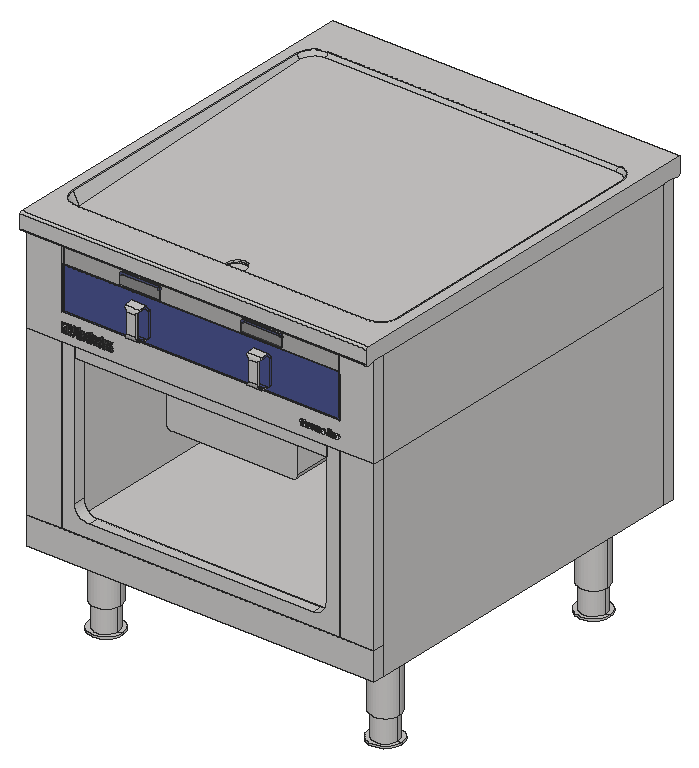
Revit family "QF_ELECTROLUXPROFESSIONAL_589837_MCHYEAH1DM", category Attrezzature speciali, Revit 2021
Family settings
  Quota connettore circolare = Usa diametro
  Tipo di parte = Normale
  Basato su piano di lavoro = No
  Sempre verticale = Sì
  Taglio con vuoti quando caricato = No
  Condiviso = No
  Punto di calcolo locali = No
Parameters (values of type "Standard")
  Weight = 150.00 kg
  Watts = 15300 W
  Volts = 440 V
  URL Manufacturer = "https://www.electroluxprofessional.com/"
  URL = "https://www.electroluxprofessional.com/"
  Steam Supply Size = 0"
  Steam Supply Minimum Pressure = 0.00 psi
  Steam Supply Maximum Pressure = 0.00 psi
  Steam Consumption per Hour = 0
  Refrigeration Suction Line Size = 0 mm
  Refrigeration Liquid Line Size = 0 mm
  Refrigerant Compressor Remote = yes
  Prospetto di default = 0 mm
  Phase = 3
  Modello = "MCHYEAH1DM"
  Produttore = "Electrolux Professional"
  Length Actual = 800 mm  # constant formula
  Item Number = "589837"
  Hot Water Size = 0"
  Height Actual = 700 mm  # constant formula
  HP = "20.5 HP"
  Gas Size = 0"
  Gas KW = 0
  Gas Input Pressure = 0.0 Btu/h
  Direct Waste Size = 0"
  Descrizione = "FRYTOP,H3,SMT,2Z,1S,800X900X700H MARINE"
  Depth Actual = 900 mm  # constant formula
  Cycle = 50 Hz
  Condensate Return Size = 0"
  Compressed Air Volume = 0 GPM
  Compressed Air Size = 0"
  Compressed Air Pressure = 0.00 psi
  Cold Water Size = 0"
  Accessory = yes
Reference planes
  plane 1 "BACK": y = 0
  plane 2: z = 0
  plane 3 "LEFT": x = 0
  plane 4 "RIGHT": x = 800
  plane 5 "FRONT": y = -900
  plane 6 "TOP": z = 900
  plane 7 "Center (Left/Right)": x = 400
  plane 8 "Center (Front/Back)": y = -425
  plane 9: y = -150
  plane 10: y = -65
  plane 11: y = -840
  plane 12 "EIY": y = -685
  plane 13: z = 938
  plane 14 "BaseTop": z = 650
  plane 15: y = -855
  plane 16 "Camino": y = -50
  plane 17 "EIx": x = 755
  plane 18: z = 1131
  plane 19 "PlaneRibbed": through (-6096, -65, 890) normal (0, -0.0251, 0.9997)
  plane 20 "Base": z = 200
Forms (mm)
  Extrusion 1, solid, material "QF_Finishes_Stainless Steel"
    sketch origin (-178.969, -4572, 100) x (-1, 0, 0) y (0, -1, 0)
      loop
        line (-178.969, -4527) -> (-178.969, -3717) -> (-978.969, -3717) -> (-978.969, -4527) -> (-178.969, -4527)
    from 550 to 762.969
  Extrusion 2, solid, material "QF_Finishes_Stainless Steel"
    sketch origin (400, 296.4, 1219.2) x (0, 1, 0) y (0, 0, 1)
      loop
        line (-296.4, -319.2) -> (-1191.4, -319.2)
        arc (-1191.4, -319.2) -> (-1194.935, -320.664) -> (-1196.4, -324.2) r 5
        line (-1196.4, -324.2) -> (-1196.4, -355.2)
        arc (-1196.4, -355.2) -> (-1194.971, -358.264) -> (-1191.705, -359.139) r 4
        line (-1191.705, -359.139) -> (-1176.4, -356.231) -> (-316.4, -356.231) -> (-301.094, -359.139)
        arc (-301.094, -359.139) -> (-297.829, -358.264) -> (-296.4, -355.2) r 4
        line (-296.4, -355.2) -> (-296.4, -319.2)
    from -400 to 400
  Extrusion 3, void
    sketch origin (0, -30, 900) x (-1, 0, 0) y (0, -1, 0)
      loop
        arc (-65, 65) -> (-36.716, 76.716) -> (-25, 105) r 40
        line (-25, 105) -> (-25, 750)
        arc (-25, 750) -> (-36.716, 778.284) -> (-65, 790) r 40
        line (-65, 790) -> (-735, 790)
        arc (-735, 790) -> (-763.284, 778.284) -> (-775, 750) r 40
        line (-775, 750) -> (-775, 105)
        arc (-775, 105) -> (-763.284, 76.716) -> (-735, 65) r 40
        line (-735, 65) -> (-65, 65)
    from 0 to -30
  Extrusion 4, solid, material "QF_Finishes_Stainless Steel"
    sketch origin (0, -50, 200) x (-1, 0, 0) y (0, -1, 0)
      loop
        circle (-755, 635) r 10.1
    from 0 to -10
  Sweep 5, solid, material "QF_Finishes_Stainless Steel"
    path origin (0, -30, 900) x (-1, 0, 0) y (0, -1, 0)
      loop
        line (-25, 105) -> (-25, 750)
        arc (-25, 750) -> (-36.716, 778.284) -> (-65, 790) r 40
        line (-65, 790) -> (-735, 790)
        arc (-735, 790) -> (-763.284, 778.284) -> (-775, 750) r 40
        line (-775, 750) -> (-775, 105)
        arc (-775, 105) -> (-763.284, 76.716) -> (-735, 65) r 40
        line (-735, 65) -> (-65, 65)
        arc (-65, 65) -> (-36.716, 76.716) -> (-25, 105) r 40
    profile origin (25, -457.5, 900) x (1, 0, 0) y (0, 0, 1)
      loop
        line (0, 0) -> (0, -30) -> (15, -30) -> (0, 0)
  Extrusion 6, void
    sketch origin (305.009, -30, 900) x (-1, 0, 0) y (0, -1, 0)
      loop
        circle (-94.991, 746) r 22.248
    from -32.282 to 0
  Extrusion 7, solid, material "QF_Finishes_Stainless Steel"
    sketch origin (400, 266.4, 1219.2) x (0, 1, 0) y (0, 0, 1)
      loop
        line (-1086.4, -349.2) -> (-361.4, -349.2) -> (-361.4, -329.2) -> (-1086.4, -347.399) -> (-1086.4, -349.2)
    from -375 to 375
  Extrusion 8, void
    sketch origin (290.252, -10, 900) x (-1, 0, 0) y (0, -1, 0)
      loop
        circle (-109.748, 765.667) r 22.248
    from -32.282 to 0
  Extrusion 9, solid, material "QF_Finishes_Stainless Steel"
    sketch origin (0, -425, 0) x (-1, 0, 0) y (0, 0, 1)
      loop
        line (-264.372, 616.232) -> (-236.622, 616.232)
        arc (-236.622, 616.232) -> (-235.738, 615.866) -> (-235.372, 614.982) r 1.25
        line (-235.372, 614.982) -> (-235.372, 584.482)
        arc (-235.372, 584.482) -> (-235.738, 583.598) -> (-236.622, 583.232) r 1.25
        line (-236.622, 583.232) -> (-249.372, 583.232) -> (-249.372, 582.232) -> (-236.622, 582.232)
        arc (-236.622, 582.232) -> (-235.031, 582.891) -> (-234.372, 584.482) r 2.25
        line (-234.372, 584.482) -> (-234.372, 614.982)
        arc (-234.372, 614.982) -> (-235.031, 616.573) -> (-236.622, 617.232) r 2.25
        line (-236.622, 617.232) -> (-264.372, 617.232) -> (-264.372, 616.232)
      loop
        line (-537.372, 616.232) -> (-537.372, 617.232) -> (-565.122, 617.232)
        arc (-565.122, 617.232) -> (-566.713, 616.573) -> (-567.372, 614.982) r 2.25
        line (-567.372, 614.982) -> (-567.372, 584.482)
        arc (-567.372, 584.482) -> (-566.713, 582.891) -> (-565.122, 582.232) r 2.25
        line (-565.122, 582.232) -> (-552.372, 582.232) -> (-552.372, 583.232) -> (-565.122, 583.232)
        arc (-565.122, 583.232) -> (-566.006, 583.598) -> (-566.372, 584.482) r 1.25
        line (-566.372, 584.482) -> (-566.372, 614.982)
        arc (-566.372, 614.982) -> (-566.006, 615.866) -> (-565.122, 616.232) r 1.25
        line (-565.122, 616.232) -> (-537.372, 616.232)
    from -365 to 360
  Extrusion 10, solid, material "QF_Finishes_Stainless Steel"
    sketch origin (0, -425, 0) x (-1, 0, 0) y (0, 0, 1)
      loop
        line (-249.872, 583.232) -> (-238.372, 583.232) -> (-238.372, 584.232) -> (-244.372, 590.232) -> (-557.372, 590.232) -> (-563.372, 584.232) -> (-563.372, 583.232) -> (-551.872, 583.232) -> (-551.872, 501.232)
        arc (-551.872, 501.232) -> (-548.65, 493.454) -> (-540.872, 490.232) r 11
        line (-540.872, 490.232) -> (-260.872, 490.232)
        arc (-260.872, 490.232) -> (-253.094, 493.454) -> (-249.872, 501.232) r 11
        line (-249.872, 501.232) -> (-249.872, 583.232)
    from -365 to 360
  Extrusion 11, void
    sketch origin (0, -425, 0) x (-1, 0, 0) y (0, 0, 1)
      loop
        line (-254.872, 501.232) -> (-254.872, 590.232) -> (-546.872, 590.232) -> (-546.872, 506.232)
        arc (-546.872, 506.232) -> (-543.65, 498.454) -> (-535.872, 495.232) r 11
        line (-535.872, 495.232) -> (-260.872, 495.232)
        arc (-260.872, 495.232) -> (-256.629, 496.99) -> (-254.872, 501.232) r 6
    from -350 to 355
  Extrusion 12, solid, material "QF_Finishes_Stainless Steel"
    sketch origin (0, -425, 0) x (-1, 0, 0) y (0, 0, 1)
      loop
        line (-690, 617.232) -> (-109.949, 617.232) -> (-109.949, 627) -> (-690, 627) -> (-690, 617.232)
    from -365 to -351.075
  Extrusion 13, solid, material "QF_Finishes_Stainless Steel"
    sketch origin (400, 296.4, 1219.2) x (0, 1, 0) y (0, 0, 1)
      loop
        line (-341.4, -1019.2) -> (-316.4, -1019.2) -> (-316.4, -356.231) -> (-341.4, -356.231) -> (-341.4, -1019.2)
    from -400 to 400
Cuts and joins
  Extrusion 3, Extrusion 6, Extrusion 8 cuts Extrusion 2
  Extrusion 8 cuts Sweep 5
  Extrusion 8 cuts Extrusion 7
  joined: Sweep 5, Extrusion 7
  Extrusion 11 cuts Extrusion 10
Lines and regions (mm)
  symbolic lines
    curve 1: line (0, 0, 100) -> (800, 0, 100)
    curve 2: line (0, -900, 100) -> (0, 0, 100)
    curve 3: line (800, -900, 100) -> (0, -900, 100)
    curve 4: line (800, 0, 100) -> (800, -900, 100)
    curve 5: line (734.029, -95, 0) -> (65.29, -95, 0)
    curve 6: line (65.29, -820, 0) -> (734.029, -820, 0)
    curve 7: line (65, -110, 900) -> (735, -110, 900)
    curve 8: line (735, -805, 900) -> (65, -805, 900)
    curve 9: arc (760, -780, 900) -> (752.678, -797.678, 900) -> (735, -805, 900) r 25
    curve 10: line (760, -135, 900) -> (760, -780, 900)
    curve 11: arc (735, -110, 900) -> (752.678, -117.322, 900) -> (760, -135, 900) r 25
    curve 12: circle (400, -776, 900) r 22.248 normal (0, 0, 1)
    curve 13: arc (90.5, -115.483, 900) -> (62.314, -127.096, 900) -> (50.5, -155.198, 900) r 39.994
    curve 14: line (90.5, -115.482, 900) -> (710.5, -115.482, 900)
    curve 15: line (50.5, -692.082, 900) -> (50.5, -155.198, 900)
    curve 16: arc (50.5, -692.082, 900) -> (62.314, -720.184, 900) -> (90.5, -731.797, 900) r 39.994
    curve 17: line (710.5, -731.798, 900) -> (90.5, -731.798, 900)
    curve 18: line (40.29, -738.526, 900) -> (760, -738.526, 900)
    curve 19: line (40.29, -748.526, 900) -> (760, -748.526, 900)
    curve 20: arc (65, -95, 900) -> (36.716, -106.716, 900) -> (25, -135, 900) r 40
    curve 21: line (25, -135, 900) -> (25, -780, 900)
    curve 22: arc (25, -780, 900) -> (36.716, -808.284, 900) -> (65, -820, 900) r 40
    curve 23: arc (735, -820, 900) -> (763.284, -808.284, 900) -> (775, -780, 900) r 40
    curve 24: line (775, -780, 900) -> (775, -135, 900)
    curve 25: arc (775, -135, 900) -> (763.284, -106.716, 900) -> (735, -95, 900) r 40
    curve 26: arc (709.5, -115.483, 900) -> (737.686, -127.096, 900) -> (749.5, -155.198, 900) r 39.994
    curve 27: line (749.5, -692.082, 900) -> (749.5, -155.198, 900)
    curve 28: arc (749.5, -692.082, 900) -> (737.686, -720.184, 900) -> (709.5, -731.797, 900) r 39.994
    curve 29: arc (65, -805, 900) -> (47.322, -797.678, 900) -> (40, -780, 900) r 25
    curve 30: line (40, -780, 900) -> (40, -135, 900)
    curve 31: arc (40, -135, 900) -> (47.322, -117.322, 900) -> (65, -110, 900) r 25
Dimensions and locks
  plane 3 "LEFT" to plane 4 "RIGHT" = 800 mm
  plane 5 "FRONT" to plane 1 "BACK" = 900 mm
  plane 3 "LEFT" to plane 7 "Center (Left/Right)" to plane 4 "RIGHT" = 400 mm, 400 mm
  plane 5 "FRONT" to plane 8 "Center (Front/Back)" to plane 1 "BACK" = 475 mm, 425 mm
  plane 6 "TOP" to level = 900 mm  (x2)
  plane 1 "BACK" to plane 9 = 150 mm
  plane 12 "EIY" to plane 1 "BACK" = 685 mm
  plane 13 to plane 6 "TOP" = 38 mm
  plane 10 to plane 1 "BACK" = 65 mm
  plane 5 "FRONT" to plane 11 = 60 mm
  locked: plane 6 "TOP" to plane 14 "BaseTop" at 250
  locked: plane 15 to plane 5 "FRONT" at 45
  plane 16 "Camino" to plane 1 "BACK" = 50 mm
  plane 17 "EIx" to plane 4 "RIGHT" = 45 mm
  plane 18 to plane 6 "TOP" = 231 mm
  plane 20 "Base" to level = 200 mm
  aligned and locked: level to plane 2
  aligned and locked: cut or joined group of Extrusion 2, Extrusion 3, Extrusion 6, Extrusion 8 to plane 3 "LEFT"
  aligned and locked: cut or joined group of Extrusion 2, Extrusion 3, Extrusion 6, Extrusion 8 to plane 4 "RIGHT"
  aligned and locked: nested 1 to plane 15
  aligned and locked: Extrusion 1 to plane 15
  aligned and locked: plane 3 "LEFT" to nested 1
  aligned and locked: Extrusion 1 to nested 2
  aligned and locked: nested 3 to plane 9
  aligned and locked: nested 4 to plane 9
Nested families
  nested 1: "Front_Panel_W800_2 Knobs" at (202.376, -855, 0), type "Front_Panel_W800_2 Knobs"
  nested 2: "QF_ELECTROLUXPROFESSIONAL_589840_BASE" at (0, 0, 0), type "QF_ELECTROLUXPROFESSIONAL_589840_BASE"
    with Type Mark "", Specification by User "", Revision Code "", Item Number "", Installed By "", Identify Quantity as Lot yes, Furnished By "", Foodservice Equipment Identifier yes
  nested 3: "FEET200_MARINE" at (78, -150, 0), type "FEET200_MARINE"
  nested 4: "FEET200_MARINE" at (722, -150, 0), type "FEET200_MARINE"
  nested 5: "FEET200_MARINE" at (78, -750, 0), type "FEET200_MARINE"
  nested 6: "FEET200_MARINE" at (722, -750, 0), type "FEET200_MARINE"
Connectors
  electrical at (755, -685, 190), driven by "Volts"
    settings: on Extrusion 4, index 1, voltage 440 V, apparent load 0 VA, apparent load phase1 0 VA, apparent load phase2 0 VA, apparent load phase3 0 VA, power factor 1, load classification "Other", number of poles 1, system type 30, power factor state 1, is connector primary yes, connector utility no, sub classification motor no, connector description "Electrical Connection"
Definition of nested family "Front_Panel_W800_2 Knobs"
  Parameters
    Default Elevation = 0 mm
  Reference planes
    plane 1 "Center (Front/Back)": y = 0
    plane 2: z = 0
    plane 3 "Center (Left/Right)": x = 197.624
    plane 4 "Left": x = -202.376
    plane 5 "Right": x = 597.624
    plane 6: y = -45
    plane 7: x = 127.624
    plane 8: x = 57.624
    plane 9: x = 337.624
    plane 10: x = 517.624
    plane 11: x = -122.376
    plane 12 "Panel": y = -25
  Forms (mm)
    Extrusion 1, solid
      sketch origin (833.217, 829.203, -1.25) x (0, 1, 0) y (0, 0, 1)
        loop
          line (-854.203, 651.25) -> (-829.203, 651.25) -> (-829.203, 864.25) -> (-854.203, 864.25) -> (-854.203, 651.25)
      from -1035.593 to -235.593
    Extrusion 2, void
      sketch origin (0, 0, 0) x (1, 0, 0) y (0, 0, 1)
        loop
          line (-122.376, 853.866) -> (-122.376, 711.866) -> (517.624, 711.866) -> (517.624, 853.866) -> (-122.376, 853.866)
      from 19.387 to 33.951
  Cuts and joins
    Extrusion 2 cuts Extrusion 1
  Dimensions and locks
    equal spacing: plane 5 "Right", plane 3 "Center (Left/Right)", plane 4 "Left"
    plane 5 "Right" to plane 4 "Left" = 800 mm
    plane 3 "Center (Left/Right)" to plane 7 = 70 mm
    plane 9 to plane 3 "Center (Left/Right)" = 140 mm
    plane 3 "Center (Left/Right)" to plane 8 = 140 mm
    aligned and locked: cut or joined group of Extrusion 1, Extrusion 2 to plane 4 "Left"
    aligned and locked: plane 5 "Right" to cut or joined group of Extrusion 1, Extrusion 2
    aligned and locked: plane 3 "Center (Left/Right)" to nested 1
    aligned and locked: cut or joined group of Extrusion 1, Extrusion 2 to nested 1
    aligned and locked: nested 5 to plane 11
  Automatic sketch dimensions
    Extrusion 1 sketch curve to plane 1 "Center (Front/Back)" = 0 mm
    level to Extrusion 1 sketch curve = 650 mm
    plane 4 "Left" to Extrusion 2 sketch curve = 80 mm
    Extrusion 2 sketch curve to plane 5 "Right" = 80 mm
    level to Extrusion 2 sketch curve = 711.866 mm
    Extrusion 2 sketch curve to Extrusion 2 sketch curve = 142 mm
    Extrusion 1 sketch curve to plane 6 = 20 mm
    Extrusion 1 sketch curve to Extrusion 1 sketch curve = 213 mm
  Nested families
    nested 1: "Front glass control panel W800_Two" at (197.624, 280.644, 2.752), type "Front glass control panel W800_Two"
    nested 2: "Range Control Handle" at (57.851, -28.137, -209.113) x (-1, 0, 0) z (0, 0, 1), type "Range Control Handle"
    nested 3: "Range Control Handle" at (337.624, -28.137, -209.113), type "Range Control Handle"
    nested 4: "ELX_ThermaLine_Small" at (469.031, -25, 679.402) x (1, 0, 0) z (0, -1, 0), type "ELX_ThermaLine_Small"
      with Show Logo yes, Material_Logo none
    nested 5: "ELX_Professional_Logo_Small" at (-62.89, -25, 681.634) x (1, 0, 0) z (0, -1, 0), type "ELX_Professional_Logo_Small"
      with Show Logo yes, Material_Logo none
  Definition of nested family "Front glass control panel W800_Two"
    Parameters
      Default Elevation = 0 mm
    Reference planes
      plane 1 "Center (Front/Back)": y = 0
      plane 2: z = 0
      plane 3 "Center (Left/Right)": x = 0
      plane 4: x = -140
      plane 5: x = 140
    Forms (mm)
      Extrusion 1, solid
        sketch origin (378.286, 0, 0.617) x (1, 0, 0) y (0, 0, 1)
          loop
            line (-698.286, 806.791) -> (-698.286, 708.497) -> (-58.286, 708.497) -> (-58.286, 806.791) -> (-698.286, 806.791)
        from 300.031 to 304.8
      Extrusion 2, solid
        sketch origin (378.286, 0, 0.617) x (1, 0, 0) y (0, 0, 1)
          loop
            line (-698.286, 850.497) -> (-698.286, 806.791) -> (-58.286, 806.791) -> (-58.286, 850.497) -> (-698.286, 850.497)
        from 300.031 to 304.8
      Extrusion 3, void
        sketch origin (378.286, 0, 0.617) x (1, 0, 0) y (0, 0, 1)
          loop
            line (-695.628, 847.565) -> (-695.628, 710.699) -> (-61.196, 710.699) -> (-61.196, 847.565) -> (-695.628, 847.565)
        from 303.697 to 304.8
      Extrusion 4, solid
        sketch origin (-448.309, 1.101, -0.633) x (-1, 0, 0) y (0, 0, -1)
          loop
            line (-261.431, -812.62) -> (-355.186, -812.62) -> (-355.186, -834.177) -> (-350.269, -834.177) -> (-348.469, -835.977) -> (-268.039, -835.977) -> (-266.24, -834.177) -> (-261.431, -834.177) -> (-261.431, -812.62)
        from 304.798 to 306.745
      Extrusion 5, solid
        sketch origin (-448.309, 1.101, -0.633) x (-1, 0, 0) y (0, 0, -1)
          loop
            line (-350.269, -834.177) -> (-355.078, -834.177)
            arc (-355.078, -834.177) -> (-353.942, -838.747) -> (-349.686, -840.763) r 5.5
            line (-349.686, -840.763) -> (-266.98, -840.763)
            arc (-266.98, -840.763) -> (-262.706, -838.752) -> (-261.529, -834.177) r 5.549
            line (-261.529, -834.177) -> (-266.24, -834.177) -> (-268.039, -835.977) -> (-348.469, -835.977) -> (-350.269, -834.177)
        from 304.798 to 306.745
      Extrusion 6, solid
        sketch origin (448.309, 1.101, -0.633) x (1, 0, 0) y (0, 0, 1)
          loop
            line (-261.431, 812.62) -> (-261.431, 834.177) -> (-266.24, 834.177) -> (-268.039, 835.977) -> (-348.469, 835.977) -> (-350.269, 834.177) -> (-355.186, 834.177) -> (-355.186, 812.62) -> (-261.431, 812.62)
        from 304.798 to 306.745
      Extrusion 7, solid
        sketch origin (448.309, 1.101, -0.633) x (1, 0, 0) y (0, 0, 1)
          loop
            line (-350.269, 834.177) -> (-348.469, 835.977) -> (-268.039, 835.977) -> (-266.24, 834.177) -> (-261.529, 834.177)
            arc (-261.529, 834.177) -> (-262.706, 838.752) -> (-266.98, 840.763) r 5.549
            line (-266.98, 840.763) -> (-349.686, 840.763)
            arc (-349.686, 840.763) -> (-353.942, 838.747) -> (-355.078, 834.177) r 5.5
            line (-355.078, 834.177) -> (-350.269, 834.177)
        from 304.798 to 306.745
    Cuts and joins
      Extrusion 3 cuts Extrusion 1
      Extrusion 3 cuts Extrusion 2
    Dimensions and locks
      plane 3 "Center (Left/Right)" to plane 4 = 140 mm
      plane 5 to plane 3 "Center (Left/Right)" = 140 mm
      aligned and locked: Extrusion 1 to Extrusion 2
      aligned and locked: Extrusion 5 sketch curve to Extrusion 4  (x5)
      aligned and locked: Extrusion 5 to Extrusion 4
      aligned and locked: Extrusion 7 sketch curve to Extrusion 6  (x4)
      aligned and locked: Extrusion 6 to Extrusion 7 sketch curve
      aligned and locked: Extrusion 7 to Extrusion 6
  Definition of nested family "Range Control Handle"
    Parameters
      Default Elevation = 0 mm
    Reference planes
      plane 1 "Center (Front/Back)": y = 0
      plane 2: z = 0
      plane 3 "Center (Left/Right)": x = 0
      plane 4: z = 971.092
      plane 5: y = -16.9
    Forms (mm)
      Extrusion 1, solid
        sketch origin (-746.28, 380.497, 208.931) x (-1, 0, 0) y (0, 0, 1)
          loop
            line (-770.101, 786.798) -> (-770.101, 731.649)
            arc (-770.101, 731.649) -> (-769.759, 730.563) -> (-768.855, 729.87) r 1.893
            line (-768.855, 729.87) -> (-763.474, 727.911) -> (-729.81, 727.911) -> (-724.428, 729.87)
            arc (-724.428, 729.87) -> (-723.525, 730.563) -> (-723.183, 731.649) r 1.893
            line (-723.183, 731.649) -> (-723.183, 786.798)
            arc (-723.183, 786.798) -> (-723.529, 787.894) -> (-724.44, 788.593) r 1.91
            line (-724.44, 788.593) -> (-729.683, 790.819) -> (-763.601, 790.819) -> (-768.844, 788.593)
            arc (-768.844, 788.593) -> (-769.755, 787.894) -> (-770.101, 786.798) r 1.91
        from -382.35 to -378.852
      Sweep 2, solid
        path origin (-746.788, 380.496, 208.091) x (0, -1, 0) y (0, 0, 1)
          loop
            line (379.775, 793.281) -> (395.661, 791.048)
            arc (395.661, 791.048) -> (397.781, 787.377) -> (398.517, 783.202) r 12.207
            line (398.517, 783.202) -> (398.517, 737.368)
            arc (398.517, 737.368) -> (397.781, 733.193) -> (395.661, 729.522) r 12.207
            line (395.661, 729.522) -> (379.775, 727.289)
        profile origin (-746.788, -7.222, 1000.256) x (0, -0.139173, 0.990268) y (-1, 0, 0)
          loop
            line (0.782, -763.123) -> (0.782, -730.907) -> (-1.322, -730.907) -> (-1.322, -763.123) -> (0.782, -763.123)
      Sweep 3, solid
        path origin (-746.788, 380.715, 207.832) x (0, -1, 0) y (0, 0, 1)
          loop
            line (380.478, 795.442) -> (397.218, 793.09)
            arc (397.218, 793.09) -> (399.929, 788.473) -> (400.871, 783.202) r 15.207
            line (400.871, 783.202) -> (400.871, 737.584)
            arc (400.871, 737.584) -> (399.914, 732.274) -> (397.164, 727.633) r 15.207
            line (397.164, 727.633) -> (380.601, 725.305)
        profile origin (-746.788, -8.132, 1002.099) x (0, -0.139173, 0.990268) y (-1, 0, 0)
          loop
            line (0.782, -763.123) -> (0.782, -730.907) -> (-1.322, -730.907) -> (-1.322, -763.123) -> (0.782, -763.123)
      Extrusion 4, void
        sketch origin (889.253, 220.666, 207.993) x (1, 0, 0) y (0, 0, 1)
          loop
            line (-943.038, 816.854) -> (-943.038, 703.686) -> (-899.466, 734.196) -> (-899.466, 786.344) -> (-943.038, 816.854)
        from 230.636 to 242.25
      Extrusion 5, void
        sketch origin (-888.8, 220.666, 207.993) x (-1, 0, 0) y (0, 0, -1)
          loop
            line (-943.038, -816.854) -> (-899.466, -786.344) -> (-899.466, -734.196) -> (-943.038, -703.686) -> (-943.038, -816.854)
        from 230.636 to 242.25
      Extrusion 6, solid
        sketch origin (0, 0, 0) x (1, 0, 0) y (0, 0, 1)
          loop
            circle (0, 971.092) r 7.736
        from -3.137 to -1.645
    Cuts and joins
      Extrusion 4, Extrusion 5 cuts Sweep 3
      Extrusion 4, Extrusion 5 cuts Sweep 2
      joined: Extrusion 1, Extrusion 6
    Lines and regions (mm)
      symbolic lines
        curve 1: line (16.334, -16.9, 0) -> (16.334, -19.227, 0)
        curve 2: spline (16.334, -19.227, 0) -> (15.87, -19.385, 0) -> (15.404, -19.536, 0) -> (14.936, -19.678, 0) -> (14.466, -19.813, 0) -> (13.995, -19.94, 0) -> (13.523, -20.059, 0) -> (13.049, -20.171, 0) -> (12.575, -20.274, 0) -> (12.099, -20.37, 0) -> (11.622, -20.458, 0) -> (11.144, -20.537, 0) -> (10.666, -20.609, 0)
        curve 3: line (10.666, -16.9, 0) -> (10.666, -20.938, 0)
        curve 4: line (-10.213, -20.938, 0) -> (10.666, -20.938, 0)
        curve 5: line (-10.213, -20.938, 0) -> (-10.213, -16.9, 0)
        curve 6: spline (-10.213, -20.609, 0) -> (-10.691, -20.537, 0) -> (-11.169, -20.458, 0) -> (-11.646, -20.37, 0) -> (-12.122, -20.274, 0) -> (-12.597, -20.171, 0) -> (-13.07, -20.059, 0) -> (-13.542, -19.94, 0) -> (-14.013, -19.813, 0) -> (-14.483, -19.678, 0) -> (-14.951, -19.536, 0) -> (-15.417, -19.385, 0) -> (-15.881, -19.227, 0)
        curve 7: line (-15.881, -19.227, 0) -> (-15.881, -16.9, 0)
  Definition of nested family "ELX_ThermaLine_Small"
    Parameters
      Show Logo [instance] = yes
      Material_Logo [instance] = none
      Default Elevation = 0 mm
    Reference planes
      plane 1 "Centro (Fronte/Retro)": y = 0
      plane 2: z = 0
      plane 3 "Centro (Sinistra/Destra)": x = 0
    Forms (mm)
      Extrusion 1, solid
        sketch origin (0, 0, 0) x (1, 0, 0) y (0, 1, 0)
          loop
            line (-1219.2, 1219.2) -> (-1219.2, -1219.2) -> (1219.2, -1219.2) -> (1219.2, 1219.2) -> (-1219.2, 1219.2)
        from 0 to -304.8
      Extrusion 2, solid
        sketch origin (0, 0, 0) x (1, 0, 0) y (0, 1, 0)
          loop
            line (-37.494, 1.229) -> (-35.908, 1.229) -> (-35.908, 3.066) -> (-37.494, 3.066) -> (-37.494, 6.221) -> (-39.867, 4.881) -> (-39.867, 3.066) -> (-40.969, 3.066) -> (-40.969, 1.229) -> (-39.867, 1.229) -> (-39.867, -3.407)
            arc (-39.867, -3.407) -> (-38.982, -5.513) -> (-36.751, -6.001) r 2.478
            line (-36.751, -6.001) -> (-35.638, -5.7) -> (-35.9, -3.835) -> (-36.661, -4.039)
            arc (-36.661, -4.039) -> (-37.236, -3.924) -> (-37.494, -3.399) r 0.662
            line (-37.494, -3.399) -> (-37.494, 1.229)
          loop
            line (-34.242, 6.539) -> (-34.242, -5.848) -> (-31.854, -5.848) -> (-31.854, -0.078)
            arc (-31.854, -0.078) -> (-30.939, 1.249) -> (-29.33, 1.367) r 1.866
            arc (-29.33, 1.367) -> (-28.695, 0.768) -> (-28.461, -0.073) r 1.627
            line (-28.461, -0.073) -> (-28.461, -5.848) -> (-26.086, -5.848) -> (-26.064, -0.46)
            arc (-26.064, -0.46) -> (-26.261, 0.932) -> (-26.786, 2.237) r 5.825
            arc (-26.786, 2.237) -> (-29.381, 3.264) -> (-31.854, 1.971) r 3.353
            line (-31.854, 1.971) -> (-31.854, 6.539) -> (-34.242, 6.539)
          loop
            arc (-18.398, -0.598) -> (-18.893, 0.879) -> (-20.326, 1.487) r 1.897
            arc (-20.326, 1.487) -> (-21.461, 0.708) -> (-21.897, -0.598) r 2.164
            line (-21.897, -0.598) -> (-18.398, -0.598)
          loop
            arc (-16.021, -2.044) -> (-16.754, 1.227) -> (-19.444, 3.226) r 4.814
            arc (-19.444, 3.226) -> (-22.137, 2.788) -> (-23.943, 0.743) r 4.054
            arc (-23.943, 0.743) -> (-24.382, -1.249) -> (-24.162, -3.276) r 6.289
            arc (-24.162, -3.276) -> (-23.302, -4.71) -> (-21.958, -5.705) r 4.28
            arc (-21.958, -5.705) -> (-18.558, -5.814) -> (-16.152, -3.409) r 4.28
            line (-16.152, -3.409) -> (-18.5, -2.995)
            arc (-18.5, -2.995) -> (-19.273, -3.994) -> (-20.533, -4.076) r 1.536
            arc (-20.533, -4.076) -> (-21.56, -3.281) -> (-21.958, -2.044) r 2.197
            line (-21.958, -2.044) -> (-16.021, -2.044)
          loop
            line (-14.165, -5.848) -> (-11.819, -5.848) -> (-11.819, -2.138)
            arc (-11.819, -2.138) -> (-11.787, -1.156) -> (-11.637, -0.185) r 8.18
            arc (-11.637, -0.185) -> (-10.644, 0.972) -> (-9.132, 0.776) r 1.603
            line (-9.132, 0.776) -> (-8.419, 2.846)
            arc (-8.419, 2.846) -> (-10.432, 3.118) -> (-11.994, 1.821) r 2.527
            line (-11.994, 1.821) -> (-11.994, 3.094) -> (-14.165, 3.094) -> (-14.165, -5.848)
          loop
            line (-7.579, 3.094) -> (-7.579, -5.848) -> (-5.178, -5.848) -> (-5.178, -0.756)
            arc (-5.178, -0.756) -> (-4.727, 0.679) -> (-3.417, 1.419) r 2.05
            arc (-3.417, 1.419) -> (-2.499, 0.908) -> (-2.155, -0.085) r 1.471
            line (-2.155, -0.085) -> (-2.155, -5.848) -> (0.23, -5.848) -> (0.23, -1.001)
            arc (0.23, -1.001) -> (0.47, 0.127) -> (1.148, 1.061) r 2.775
            arc (1.148, 1.061) -> (2.225, 1.329) -> (3.05, 0.587) r 1.182
            arc (3.05, 0.587) -> (3.199, -0.019) -> (3.214, -0.642) r 2.894
            line (3.214, -0.642) -> (3.214, -5.848) -> (5.601, -5.848) -> (5.601, 0.261)
            arc (5.601, 0.261) -> (4.87, 2.263) -> (2.976, 3.241) r 2.932
            arc (2.976, 3.241) -> (1.284, 2.973) -> (-0.047, 1.896) r 3.309
            arc (-0.047, 1.896) -> (-1.116, 2.865) -> (-2.506, 3.258) r 3.16
            arc (-2.506, 3.258) -> (-4.105, 2.942) -> (-5.376, 1.92) r 3.419
            line (-5.376, 1.92) -> (-5.376, 3.094) -> (-7.579, 3.094)
          loop
            line (7.583, 0.738) -> (9.702, 0.364)
            arc (9.702, 0.364) -> (11.441, 1.492) -> (12.855, -0.023) r 1.613
            line (12.855, -0.023) -> (9.782, -0.789)
            arc (9.782, -0.789) -> (8.559, -1.346) -> (7.617, -2.305) r 3.687
            arc (7.617, -2.305) -> (7.499, -3.681) -> (7.901, -5.003) r 3.651
            arc (7.901, -5.003) -> (9.107, -5.766) -> (10.515, -6.006) r 3.635
            arc (10.515, -6.006) -> (11.898, -5.697) -> (13.067, -4.895) r 3.734
            line (13.067, -4.895) -> (13.376, -5.848) -> (15.75, -5.848) -> (15.212, -4.193) -> (15.212, 0.38)
            arc (15.212, 0.38) -> (14.897, 1.849) -> (13.818, 2.895) r 2.585
            arc (13.818, 2.895) -> (11.792, 3.442) -> (9.719, 3.11) r 5.005
            arc (9.719, 3.11) -> (8.369, 2.178) -> (7.583, 0.738) r 3.54
          loop
            line (19.723, -5.848) -> (22.233, -5.848) -> (24.854, 6.484) -> (22.345, 6.484) -> (19.723, -5.848)
          loop
            line (24.583, -5.848) -> (26.953, -5.848) -> (28.848, 3.066) -> (26.478, 3.066) -> (24.583, -5.848)
          loop
            line (27.204, 6.484) -> (26.741, 4.305) -> (29.111, 4.305) -> (29.575, 6.484) -> (27.204, 6.484)
          loop
            line (29.355, -5.848) -> (31.849, -5.848) -> (33.098, 0.028)
            arc (33.098, 0.028) -> (34.169, 1.306) -> (35.832, 1.422) r 2.132
            arc (35.832, 1.422) -> (36.324, 0.752) -> (36.383, -0.078) r 1.5
            line (36.383, -0.078) -> (35.157, -5.848) -> (37.536, -5.848) -> (38.936, 0.738)
            arc (38.936, 0.738) -> (38.775, 2.091) -> (37.825, 3.066) r 2.118
            arc (37.825, 3.066) -> (35.392, 3.175) -> (33.295, 1.937) r 4.271
            line (33.295, 1.937) -> (33.535, 3.066) -> (31.25, 3.066) -> (29.355, -5.848)
          loop
            line (42.792, -0.64) -> (46.589, -0.64)
            arc (46.589, -0.64) -> (46.639, 0.124) -> (46.327, 0.823) r 1.589
            arc (46.327, 0.823) -> (45.117, 1.521) -> (43.762, 1.183) r 1.865
            arc (43.762, 1.183) -> (43.141, 0.344) -> (42.792, -0.64) r 3.538
          loop
            line (42.565, -2.138) -> (48.593, -2.138)
            arc (48.593, -2.138) -> (48.58, 0.597) -> (46.983, 2.818) r 4.494
            arc (46.983, 2.818) -> (44.191, 3.28) -> (41.725, 1.891) r 4.26
            arc (41.725, 1.891) -> (40.503, -0.3) -> (40.284, -2.799) r 6.003
            arc (40.284, -2.799) -> (40.959, -4.468) -> (42.377, -5.576) r 3.482
            arc (42.377, -5.576) -> (44.265, -5.961) -> (46.152, -5.576) r 4.823
            arc (46.152, -5.576) -> (47.432, -4.731) -> (48.328, -3.485) r 4.245
            line (48.328, -3.485) -> (46.168, -3.105)
            arc (46.168, -3.105) -> (45.214, -4.072) -> (43.859, -4.181) r 1.953
            arc (43.859, -4.181) -> (42.821, -3.408) -> (42.565, -2.138) r 1.81
          loop
            line (12.868, -1.553) -> (10.216, -2.214)
            arc (10.216, -2.214) -> (9.747, -3.136) -> (10.216, -4.058) r 1.14
            arc (10.216, -4.058) -> (11.537, -4.249) -> (12.614, -3.46) r 1.763
            arc (12.614, -3.46) -> (12.858, -2.522) -> (12.868, -1.553) r 3.97
        from 0 to 1.6
    Dimensions and locks
      aligned and locked: plane 2 to Extrusion 1
      aligned and locked: level to Extrusion 1
  Definition of nested family "ELX_Professional_Logo_Small"
    Parameters
      Show Logo [instance] = yes
      Material_Logo [instance] = none
      Default Elevation = 0 mm
    Reference planes
      plane 1 "Centro (Fronte/Retro)": y = 0
      plane 2: z = 0
      plane 3 "Centro (Sinistra/Destra)": x = 0
    Forms (mm)
      Extrusion 1, solid
        sketch origin (0, 0, 0) x (1, 0, 0) y (0, 1, 0)
          loop
            line (-1219.2, 1219.2) -> (-1219.2, -1219.2) -> (1219.2, -1219.2) -> (1219.2, 1219.2) -> (-1219.2, 1219.2)
        from 0 to -304.8
      Extrusion 2, solid, material <- "Material_Logo"
        sketch origin (15.5, 0, 0) x (1, 0, 0) y (0, 1, 0)
          loop
            spline (-42.99, -1.24) -> (-43.195, -1.231) -> (-43.415, -1.203) -> (-43.642, -1.152) -> (-43.87, -1.074) -> (-44.095, -0.966) -> (-44.309, -0.825) -> (-44.506, -0.647) -> (-44.681, -0.429) -> (-44.828, -0.167) -> (-44.94, 0.142) -> (-45.011, 0.501) -> (-45.037, 0.915)
            line (-45.037, 0.915) -> (-45.037, 2.748) -> (-38.984, 2.748) -> (-38.984, 5.086) -> (-45.038, 5.086) -> (-45.038, 8.489) -> (-38.599, 8.489) -> (-38.599, 10.82) -> (-47.515, 10.82) -> (-47.515, 1.021)
            spline (-47.515, 1.021) -> (-47.493, 0.418) -> (-47.425, -0.15) -> (-47.311, -0.682) -> (-47.15, -1.175) -> (-46.939, -1.628) -> (-46.678, -2.038) -> (-46.365, -2.404) -> (-46, -2.723) -> (-45.58, -2.995) -> (-45.105, -3.216) -> (-44.573, -3.385) -> (-43.983, -3.499)
            line (-43.983, -3.499) -> (-43.01, -3.569) -> (-38.426, -3.569) -> (-38.426, -1.24) -> (-42.99, -1.24)
          loop
            line (-36.666, 4.021) -> (-36.666, -3.573) -> (-34.188, -3.573) -> (-34.188, 10.824) -> (-36.666, 10.824) -> (-36.666, 4.021)
          loop
            spline (-21.915, 1.897) -> (-21.957, 2.615) -> (-22.082, 3.303) -> (-22.285, 3.955) -> (-22.563, 4.564) -> (-22.913, 5.124) -> (-23.331, 5.629) -> (-23.814, 6.074) -> (-24.359, 6.451) -> (-24.961, 6.755) -> (-25.618, 6.98) -> (-26.326, 7.119) -> (-27.081, 7.167)
            spline (-27.081, 7.167) -> (-27.853, 7.122) -> (-28.586, 6.99) -> (-29.275, 6.774) -> (-29.915, 6.478) -> (-30.5, 6.104) -> (-31.024, 5.657) -> (-31.483, 5.138) -> (-31.871, 4.553) -> (-32.182, 3.904) -> (-32.411, 3.194) -> (-32.552, 2.427) -> (-32.6, 1.606)
            spline (-32.6, 1.606) -> (-32.553, 0.805) -> (-32.416, 0.057) -> (-32.193, -0.637) -> (-31.887, -1.271) -> (-31.504, -1.843) -> (-31.048, -2.35) -> (-30.523, -2.788) -> (-29.934, -3.154) -> (-29.284, -3.444) -> (-28.579, -3.656) -> (-27.822, -3.785) -> (-27.019, -3.829)
            spline (-27.019, -3.829) -> (-26.627, -3.82) -> (-26.239, -3.79) -> (-25.856, -3.739) -> (-25.477, -3.663) -> (-25.103, -3.562) -> (-24.734, -3.432) -> (-24.369, -3.273) -> (-24.01, -3.082) -> (-23.655, -2.858) -> (-23.305, -2.597) -> (-22.96, -2.299) -> (-22.621, -1.962)
            line (-22.621, -1.962) -> (-24.114, -0.509)
            spline (-24.114, -0.509) -> (-24.311, -0.699) -> (-24.509, -0.872) -> (-24.71, -1.03) -> (-24.915, -1.172) -> (-25.126, -1.297) -> (-25.346, -1.407) -> (-25.576, -1.5) -> (-25.817, -1.576) -> (-26.072, -1.636) -> (-26.342, -1.678) -> (-26.629, -1.704) -> (-26.936, -1.713)
            spline (-26.936, -1.713) -> (-27.384, -1.691) -> (-27.805, -1.625) -> (-28.196, -1.518) -> (-28.556, -1.372) -> (-28.882, -1.187) -> (-29.174, -0.966) -> (-29.429, -0.71) -> (-29.645, -0.422) -> (-29.821, -0.102) -> (-29.955, 0.247) -> (-30.045, 0.623) -> (-30.089, 1.026)
            line (-30.089, 1.026) -> (-21.956, 1.026) -> (-21.915, 1.897)
          loop
            spline (-24.446, 2.769) -> (-24.47, 3.075) -> (-24.54, 3.37) -> (-24.654, 3.65) -> (-24.807, 3.913) -> (-24.996, 4.156) -> (-25.219, 4.376) -> (-25.472, 4.57) -> (-25.753, 4.736) -> (-26.057, 4.869) -> (-26.382, 4.968) -> (-26.724, 5.03) -> (-27.081, 5.051)
            spline (-27.081, 5.051) -> (-27.464, 5.03) -> (-27.832, 4.97) -> (-28.183, 4.872) -> (-28.513, 4.74) -> (-28.819, 4.577) -> (-29.099, 4.384) -> (-29.347, 4.165) -> (-29.563, 3.923) -> (-29.742, 3.659) -> (-29.881, 3.377) -> (-29.977, 3.079) -> (-30.027, 2.769)
            line (-30.027, 2.769) -> (-24.446, 2.769)
          loop
            spline (-18.167, 1.669) -> (-18.138, 2.13) -> (-18.055, 2.567) -> (-17.921, 2.978) -> (-17.739, 3.358) -> (-17.512, 3.705) -> (-17.243, 4.016) -> (-16.937, 4.287) -> (-16.596, 4.517) -> (-16.223, 4.7) -> (-15.823, 4.835) -> (-15.398, 4.919) -> (-14.951, 4.947)
            spline (-14.951, 4.947) -> (-14.677, 4.938) -> (-14.414, 4.913) -> (-14.162, 4.871) -> (-13.921, 4.812) -> (-13.69, 4.738) -> (-13.467, 4.649) -> (-13.254, 4.544) -> (-13.048, 4.424) -> (-12.85, 4.291) -> (-12.659, 4.143) -> (-12.474, 3.981) -> (-12.295, 3.806)
            line (-12.295, 3.806) -> (-10.76, 5.403)
            spline (-10.76, 5.403) -> (-11.065, 5.709) -> (-11.38, 5.984) -> (-11.703, 6.228) -> (-12.035, 6.443) -> (-12.375, 6.63) -> (-12.723, 6.788) -> (-13.078, 6.92) -> (-13.44, 7.026) -> (-13.809, 7.107) -> (-14.184, 7.164) -> (-14.564, 7.198) -> (-14.951, 7.209)
            spline (-14.951, 7.209) -> (-15.725, 7.161) -> (-16.467, 7.02) -> (-17.169, 6.792) -> (-17.826, 6.482) -> (-18.43, 6.096) -> (-18.976, 5.637) -> (-19.455, 5.112) -> (-19.862, 4.525) -> (-20.19, 3.882) -> (-20.433, 3.189) -> (-20.584, 2.449) -> (-20.635, 1.669)
            spline (-20.635, 1.669) -> (-20.584, 0.889) -> (-20.433, 0.149) -> (-20.19, -0.545) -> (-19.862, -1.187) -> (-19.455, -1.774) -> (-18.976, -2.299) -> (-18.43, -2.758) -> (-17.826, -3.145) -> (-17.169, -3.454) -> (-16.467, -3.682) -> (-15.725, -3.823) -> (-14.951, -3.871)
            spline (-14.951, -3.871) -> (-14.564, -3.86) -> (-14.184, -3.826) -> (-13.809, -3.77) -> (-13.44, -3.689) -> (-13.078, -3.583) -> (-12.723, -3.451) -> (-12.375, -3.292) -> (-12.035, -3.105) -> (-11.703, -2.89) -> (-11.38, -2.646) -> (-11.065, -2.371) -> (-10.76, -2.066)
            line (-10.76, -2.066) -> (-12.295, -0.468)
            spline (-12.295, -0.468) -> (-12.474, -0.643) -> (-12.659, -0.805) -> (-12.85, -0.953) -> (-13.048, -1.087) -> (-13.254, -1.206) -> (-13.467, -1.311) -> (-13.69, -1.4) -> (-13.921, -1.475) -> (-14.162, -1.533) -> (-14.414, -1.575) -> (-14.677, -1.6) -> (-14.951, -1.609)
            spline (-14.951, -1.609) -> (-15.398, -1.581) -> (-15.823, -1.497) -> (-16.223, -1.362) -> (-16.596, -1.179) -> (-16.937, -0.95) -> (-17.243, -0.678) -> (-17.512, -0.367) -> (-17.739, -0.02) -> (-17.921, 0.36) -> (-18.055, 0.771) -> (-18.138, 1.208) -> (-18.167, 1.669)
          loop
            spline (-4.441, -1.243) -> (-4.659, -1.247) -> (-4.894, -1.23) -> (-5.137, -1.19) -> (-5.384, -1.121) -> (-5.628, -1.021) -> (-5.864, -0.884) -> (-6.084, -0.708) -> (-6.283, -0.488) -> (-6.454, -0.219) -> (-6.592, 0.101) -> (-6.69, 0.478) -> (-6.742, 0.914)
            line (-6.742, 0.914) -> (-6.742, 4.587) -> (-4.487, 4.587) -> (-4.487, 6.838) -> (-6.738, 6.838) -> (-6.738, 10.824) -> (-9.217, 10.824) -> (-9.217, 0.773)
            spline (-9.217, 0.773) -> (-9.164, 0.19) -> (-9.068, -0.358) -> (-8.928, -0.87) -> (-8.742, -1.343) -> (-8.511, -1.777) -> (-8.232, -2.168) -> (-7.904, -2.515) -> (-7.527, -2.816) -> (-7.098, -3.069) -> (-6.618, -3.273) -> (-6.084, -3.426) -> (-5.496, -3.525)
            line (-5.496, -3.525) -> (-4.45, -3.573) -> (-4.441, -1.243)
          loop
            spline (3.898, 6.983) -> (3.469, 7.009) -> (3.056, 7.001) -> (2.661, 6.961) -> (2.283, 6.888) -> (1.925, 6.785) -> (1.588, 6.652) -> (1.272, 6.49) -> (0.979, 6.301) -> (0.71, 6.085) -> (0.465, 5.844) -> (0.247, 5.578) -> (0.056, 5.289)
            line (0.056, 5.289) -> (0.056, 6.838) -> (-2.402, 6.838) -> (-2.402, -3.572) -> (0.056, -3.572) -> (0.056, 1.901)
            spline (0.056, 1.901) -> (0.079, 2.316) -> (0.145, 2.703) -> (0.254, 3.06) -> (0.404, 3.386) -> (0.592, 3.679) -> (0.818, 3.938) -> (1.08, 4.162) -> (1.375, 4.348) -> (1.703, 4.495) -> (2.062, 4.602) -> (2.45, 4.668) -> (2.865, 4.69)
            line (2.865, 4.69) -> (3.898, 4.586) -> (3.898, 6.983)
          loop
            spline (15.638, 1.633) -> (15.586, 2.396) -> (15.435, 3.124) -> (15.192, 3.81) -> (14.863, 4.449) -> (14.455, 5.034) -> (13.975, 5.56) -> (13.43, 6.021) -> (12.826, 6.411) -> (12.17, 6.724) -> (11.469, 6.955) -> (10.729, 7.098) -> (9.958, 7.147)
            spline (9.958, 7.147) -> (9.182, 7.098) -> (8.44, 6.955) -> (7.737, 6.724) -> (7.081, 6.411) -> (6.477, 6.021) -> (5.933, 5.56) -> (5.454, 5.034) -> (5.048, 4.449) -> (4.721, 3.81) -> (4.479, 3.124) -> (4.329, 2.396) -> (4.277, 1.633)
            spline (4.277, 1.633) -> (4.329, 0.869) -> (4.479, 0.141) -> (4.721, -0.544) -> (5.048, -1.183) -> (5.454, -1.768) -> (5.933, -2.294) -> (6.477, -2.755) -> (7.081, -3.145) -> (7.737, -3.459) -> (8.44, -3.69) -> (9.182, -3.833) -> (9.958, -3.882)
            spline (9.958, -3.882) -> (10.729, -3.833) -> (11.469, -3.69) -> (12.17, -3.459) -> (12.826, -3.145) -> (13.43, -2.755) -> (13.975, -2.294) -> (14.455, -1.768) -> (14.863, -1.183) -> (15.192, -0.544) -> (15.435, 0.141) -> (15.586, 0.869) -> (15.638, 1.633)
          loop
            spline (13.18, 1.633) -> (13.151, 2.083) -> (13.067, 2.513) -> (12.932, 2.918) -> (12.748, 3.296) -> (12.52, 3.642) -> (12.251, 3.954) -> (11.943, 4.227) -> (11.601, 4.459) -> (11.228, 4.645) -> (10.828, 4.782) -> (10.403, 4.867) -> (9.958, 4.896)
            spline (9.958, 4.896) -> (9.509, 4.867) -> (9.081, 4.782) -> (8.679, 4.645) -> (8.306, 4.459) -> (7.964, 4.227) -> (7.658, 3.954) -> (7.39, 3.642) -> (7.163, 3.296) -> (6.981, 2.918) -> (6.847, 2.513) -> (6.765, 2.083) -> (6.736, 1.633)
            spline (6.736, 1.633) -> (6.765, 1.182) -> (6.847, 0.753) -> (6.981, 0.347) -> (7.163, -0.031) -> (7.39, -0.377) -> (7.658, -0.689) -> (7.964, -0.962) -> (8.306, -1.193) -> (8.679, -1.38) -> (9.081, -1.517) -> (9.509, -1.602) -> (9.958, -1.631)
            spline (9.958, -1.631) -> (10.403, -1.602) -> (10.828, -1.517) -> (11.228, -1.38) -> (11.601, -1.193) -> (11.943, -0.962) -> (12.251, -0.689) -> (12.52, -0.377) -> (12.748, -0.031) -> (12.932, 0.347) -> (13.067, 0.753) -> (13.151, 1.182) -> (13.18, 1.633)
          loop
            line (17.162, 4.269) -> (17.162, -3.573) -> (19.642, -3.573) -> (19.642, 10.824) -> (17.162, 10.824) -> (17.162, 4.269)
          loop
            line (28.581, 6.838) -> (28.581, 0.786)
            spline (28.581, 0.786) -> (28.561, 0.393) -> (28.503, 0.038) -> (28.409, -0.279) -> (28.281, -0.559) -> (28.122, -0.802) -> (27.933, -1.011) -> (27.717, -1.185) -> (27.476, -1.325) -> (27.213, -1.433) -> (26.929, -1.509) -> (26.626, -1.554) -> (26.308, -1.569)
            spline (26.308, -1.569) -> (25.99, -1.554) -> (25.688, -1.509) -> (25.404, -1.434) -> (25.141, -1.326) -> (24.9, -1.187) -> (24.684, -1.014) -> (24.496, -0.807) -> (24.336, -0.565) -> (24.209, -0.288) -> (24.115, 0.026) -> (24.057, 0.376) -> (24.037, 0.765)
            line (24.037, 0.765) -> (24.037, 6.838) -> (21.537, 6.838) -> (21.537, 0.558)
            spline (21.537, 0.558) -> (21.581, -0.153) -> (21.71, -0.8) -> (21.916, -1.384) -> (22.195, -1.904) -> (22.54, -2.362) -> (22.944, -2.757) -> (23.403, -3.09) -> (23.909, -3.362) -> (24.456, -3.572) -> (25.04, -3.722) -> (25.652, -3.811) -> (26.288, -3.841)
            spline (26.288, -3.841) -> (26.929, -3.811) -> (27.547, -3.72) -> (28.135, -3.568) -> (28.687, -3.355) -> (29.197, -3.079) -> (29.66, -2.741) -> (30.068, -2.341) -> (30.415, -1.877) -> (30.696, -1.349) -> (30.905, -0.757) -> (31.034, -0.101) -> (31.079, 0.621)
            line (31.079, 0.621) -> (31.079, 6.838) -> (28.581, 6.838)
          loop
            line (40.457, -0.243) -> (38.894, 1.942) -> (40.83, 4.579) -> (42.488, 6.837) -> (39.782, 6.837) -> (37.53, 3.719) -> (35.258, 6.837) -> (32.573, 6.837) -> (34.113, 4.731) -> (36.167, 1.922) -> (34.014, -1.076) -> (32.222, -3.573) -> (34.887, -3.573) -> (37.53, 0.104) -> (40.174, -3.573) -> (42.839, -3.573) -> (40.457, -0.243)
          loop
            line (-46.121, -5.837) -> (-48.039, -5.837) -> (-48.039, -10.814) -> (-47.016, -10.814) -> (-47.016, -9.128) -> (-46.121, -9.128)
            arc (-46.121, -9.128) -> (-44.476, -7.482) -> (-46.121, -5.837) r 1.645
          loop
            line (-46.163, -6.778) -> (-47.016, -6.778) -> (-47.016, -8.187) -> (-46.163, -8.187)
            arc (-46.163, -8.187) -> (-45.458, -7.482) -> (-46.163, -6.778) r 0.704
          loop
            line (-38.313, -5.837) -> (-40.265, -5.837) -> (-40.265, -10.814) -> (-39.241, -10.814) -> (-39.241, -9.1) -> (-38.46, -9.182) -> (-37.48, -10.814) -> (-36.318, -10.814) -> (-37.513, -8.848)
            arc (-37.513, -8.848) -> (-36.888, -8.266) -> (-36.671, -7.441) r 1.536
            arc (-36.671, -7.441) -> (-37.165, -6.305) -> (-38.313, -5.837) r 1.643
          loop
            arc (-38.402, -8.166) -> (-37.707, -7.505) -> (-38.334, -6.778) r 0.696
            line (-38.334, -6.778) -> (-39.241, -6.778) -> (-39.241, -8.166) -> (-38.402, -8.166)
          loop
            circle (-29.965, -8.325) r 2.585
          loop
            circle (-29.965, -8.325) r 1.64
          loop
            line (-23.1, -5.837) -> (-23.1, -10.814) -> (-22.076, -10.814) -> (-22.076, -8.768) -> (-20.204, -8.768) -> (-20.204, -7.828) -> (-22.076, -7.828) -> (-22.076, -6.778) -> (-20.024, -6.778) -> (-20.024, -5.837) -> (-23.1, -5.837)
          loop
            line (-15.802, -5.837) -> (-15.802, -9.2)
            arc (-15.802, -9.2) -> (-15.343, -10.34) -> (-14.209, -10.814) r 1.593
            line (-14.209, -10.814) -> (-12.602, -10.814) -> (-12.602, -10.027) -> (-14.004, -10.027)
            arc (-14.004, -10.027) -> (-14.552, -9.8) -> (-14.779, -9.252) r 0.775
            line (-14.779, -9.252) -> (-14.779, -8.424) -> (-12.789, -8.424) -> (-12.789, -7.642) -> (-14.779, -7.642) -> (-14.779, -6.778) -> (-12.651, -6.778) -> (-12.651, -5.837) -> (-15.802, -5.837)
          loop
            line (-5.909, -7.143) -> (-5.173, -6.638)
            arc (-5.173, -6.638) -> (-5.855, -5.974) -> (-6.781, -5.755) r 1.782
            arc (-6.781, -5.755) -> (-7.397, -5.878) -> (-7.944, -6.189) r 1.974
            arc (-7.944, -6.189) -> (-8.202, -6.5) -> (-8.317, -6.888) r 1.013
            arc (-8.317, -6.888) -> (-8.306, -7.341) -> (-8.192, -7.78) r 1.985
            arc (-8.192, -7.78) -> (-7.749, -8.259) -> (-7.171, -8.563) r 1.928
            arc (-7.171, -8.563) -> (-6.637, -8.779) -> (-6.131, -9.056) r 5.041
            arc (-6.131, -9.056) -> (-5.934, -9.387) -> (-6.09, -9.74) r 0.42
            arc (-6.09, -9.74) -> (-6.631, -9.96) -> (-7.204, -9.845) r 1.016
            arc (-7.204, -9.845) -> (-7.625, -9.603) -> (-7.889, -9.196) r 1.033
            line (-7.889, -9.196) -> (-8.67, -9.686)
            arc (-8.67, -9.686) -> (-8.361, -10.198) -> (-7.908, -10.589) r 1.914
            arc (-7.908, -10.589) -> (-7.334, -10.834) -> (-6.714, -10.896) r 2.063
            arc (-6.714, -10.896) -> (-5.947, -10.743) -> (-5.256, -10.376) r 2.696
            arc (-5.256, -10.376) -> (-4.95, -9.565) -> (-5.108, -8.712) r 1.618
            arc (-5.108, -8.712) -> (-5.448, -8.319) -> (-5.884, -8.035) r 1.876
            arc (-5.884, -8.035) -> (-6.434, -7.789) -> (-6.999, -7.577) r 9.883
            arc (-6.999, -7.577) -> (-7.325, -7.07) -> (-6.854, -6.694) r 0.45
            arc (-6.854, -6.694) -> (-6.329, -6.809) -> (-5.909, -7.143) r 1.197
          loop
            line (1.61, -7.143) -> (2.345, -6.638)
            arc (2.345, -6.638) -> (1.663, -5.974) -> (0.737, -5.755) r 1.782
            arc (0.737, -5.755) -> (0.121, -5.878) -> (-0.425, -6.189) r 1.974
            arc (-0.425, -6.189) -> (-0.683, -6.5) -> (-0.799, -6.888) r 1.013
            arc (-0.799, -6.888) -> (-0.788, -7.341) -> (-0.674, -7.78) r 1.985
            arc (-0.674, -7.78) -> (-0.231, -8.259) -> (0.347, -8.563) r 1.928
            arc (0.347, -8.563) -> (0.881, -8.779) -> (1.387, -9.056) r 5.041
            arc (1.387, -9.056) -> (1.584, -9.387) -> (1.428, -9.74) r 0.42
            arc (1.428, -9.74) -> (0.887, -9.96) -> (0.314, -9.845) r 1.016
            arc (0.314, -9.845) -> (-0.107, -9.603) -> (-0.371, -9.196) r 1.033
            line (-0.371, -9.196) -> (-1.152, -9.686)
            arc (-1.152, -9.686) -> (-0.842, -10.198) -> (-0.39, -10.589) r 1.914
            arc (-0.39, -10.589) -> (0.184, -10.834) -> (0.804, -10.896) r 2.063
            arc (0.804, -10.896) -> (1.572, -10.743) -> (2.263, -10.376) r 2.696
            arc (2.263, -10.376) -> (2.568, -9.565) -> (2.411, -8.712) r 1.618
            arc (2.411, -8.712) -> (2.07, -8.319) -> (1.635, -8.035) r 1.876
            arc (1.635, -8.035) -> (1.084, -7.789) -> (0.519, -7.577) r 9.883
            arc (0.519, -7.577) -> (0.193, -7.07) -> (0.665, -6.694) r 0.45
            arc (0.665, -6.694) -> (1.189, -6.809) -> (1.61, -7.143) r 1.197
          loop
            line (6.801, -5.837) -> (6.801, -10.814) -> (7.825, -10.814) -> (7.825, -5.837) -> (6.801, -5.837)
          loop
            circle (14.724, -8.325) r 1.548
          loop
            circle (14.724, -8.325) r 2.585
          loop
            line (21.59, -10.814) -> (22.623, -10.814) -> (22.623, -7.685) -> (24.9, -10.814) -> (25.895, -10.814) -> (25.895, -5.837) -> (24.861, -5.837) -> (24.861, -9.061) -> (22.585, -5.837) -> (21.59, -5.837) -> (21.59, -10.814)
          loop
            line (31.054, -10.814) -> (31.539, -9.74) -> (33.38, -9.74) -> (33.865, -10.814) -> (34.965, -10.814) -> (32.46, -5.837) -> (29.956, -10.814) -> (31.054, -10.814)
          loop
            line (32.46, -7.698) -> (31.999, -8.719) -> (32.921, -8.719) -> (32.46, -7.698)
          loop
            line (40.047, -9.873) -> (40.047, -5.837) -> (39.024, -5.837) -> (39.024, -10.814) -> (41.961, -10.814) -> (41.961, -9.873) -> (40.047, -9.873)
          loop
            line (-74.986, -10.814) -> (-53.322, -10.814) -> (-53.322, 10.82) -> (-74.986, 10.82) -> (-74.986, -10.814)
          loop
            line (-61.261, 9.758) -> (-61.261, -9.707)
            arc (-61.261, -9.707) -> (-54.066, 0.025) -> (-61.261, 9.758) r 10.18
          loop
            line (-62.251, 8.349) -> (-62.251, 9.758)
            arc (-62.251, 9.758) -> (-70.347, 7.918) -> (-74.247, 0.59) r 9.976
            line (-74.247, 0.59) -> (-71.026, 0.59)
            arc (-71.026, 0.59) -> (-65.274, 2.925) -> (-62.251, 8.349) r 9.351
          loop
            arc (-74.247, -0.539) -> (-70.353, -7.928) -> (-62.251, -9.957) r 10.237
            line (-62.251, -9.957) -> (-62.251, -8.298)
            arc (-62.251, -8.298) -> (-65.274, -2.874) -> (-71.026, -0.539) r 9.351
            line (-71.026, -0.539) -> (-74.247, -0.539)
        from 0 to 1.644
    Dimensions and locks
      aligned and locked: plane 2 to Extrusion 1
      aligned and locked: level to Extrusion 1
Definition of nested family "QF_ELECTROLUXPROFESSIONAL_589840_BASE"
  Parameters
    Weight in Pounds = 143.3
    URL Cutsheet = ""
    Type Mark [instance] = ""
    Specification by User [instance] = ""
    Specification by Manufacturer = ""
    Serial Number = ""
    Seismic Rating = ""
    SMACNA No = ""
    Revision Code [instance] = ""
    Default Elevation = 0 mm
    Omniclass Number and Title = ""
    NAFEM Spec ID Number = ""
    Model = "588643"
    Masterspec = ""
    Manufacturer = "Electrolux Professional"
    Item Number [instance] = ""
    Installed By [instance] = ""
    Identify Quantity as Lot [instance] = yes
    Furnished By [instance] = ""
    Foodservice Equipment Identifier [instance] = yes
    Description = ""
    CSI MasterFormat = ""
    CSI Master Format = ""
  Reference planes
    plane 1 "BACK": y = 0
    plane 2: z = 0
    plane 3 "LEFT": x = 0
    plane 4 "RIGHT": x = 800
    plane 5 "FRONT": y = -900
    plane 6 "PLAIN": z = 900
    plane 7 "Center (Left/Right)": x = 400
    plane 8 "Center (Front/Back)": y = -450
    plane 9 "TOP": z = 650
    plane 10 "BASE": z = 200
    plane 11: x = 722
    plane 12: x = 78
    plane 13 "Feet_back": y = -150
    plane 14 "Feet_Front": y = -770
    plane 15: x = 80
    plane 16: x = 720
    plane 17: z = 265
    plane 18: y = -45
    plane 19: y = -855
    plane 20: y = -70
    plane 21: y = -880
    plane 22 "ButtonZ": z = 590
  Forms (mm)
    Extrusion 1, solid
      sketch origin (0, 0, 650) x (0, 1, 0) y (0, 0, 1)
        loop
          line (-45, -450) -> (-45, 0) -> (-855, 0) -> (-855, -450) -> (-45, -450)
      from 0 to 800
    Extrusion 2, solid
      sketch origin (0, 0, 650) x (0, 1, 0) y (0, 0, 1)
        loop
          line (-880, -450) -> (-855, -450) -> (-855, -385) -> (-880, -385) -> (-880, -450)
      from 0 to 800
    Extrusion 3, void
      sketch origin (0, -900, 0) x (1, 0, 0) y (0, 0, 1)
        loop
          line (80, 650) -> (80, 265) -> (720, 265) -> (720, 650) -> (80, 650)
      from 0 to -830
    Extrusion 4, solid
      sketch origin (0, -900, 0) x (1, 0, 0) y (0, 0, 1)
        loop
          line (110, 650) -> (110, 627) -> (690, 627) -> (690, 650) -> (110, 650)
      from -20 to -855
    Extrusion 5, solid
      sketch origin (0, -900, 0) x (1, 0, 0) y (0, 0, 1)
        loop
          line (80, 650) -> (80, 265) -> (720, 265) -> (720, 650) -> (690, 650) -> (690, 295) -> (110, 295) -> (110, 650) -> (80, 650)
      from -45 to -830
    Extrusion 6, solid
      sketch origin (0, -900, 0) x (1, 0, 0) y (0, 0, 1)
        loop
          line (0, 650) -> (0, 265) -> (80, 265) -> (80, 650) -> (0, 650)
      from -20 to -45
    Extrusion 7, solid
      sketch origin (0, -900, 0) x (1, 0, 0) y (0, 0, 1)
        loop
          line (720, 650) -> (720, 265) -> (800, 265) -> (800, 650) -> (720, 650)
      from -20 to -45
    Extrusion 8, solid
      sketch origin (85, -900, 0) x (1, 0, 0) y (0, 0, 1)
        loop
          line (25, 327) -> (25, 650) -> (-5, 650) -> (-5, 265) -> (635, 265) -> (635, 650) -> (605, 650) -> (605, 327)
          arc (605, 327) -> (595.627, 304.373) -> (573, 295) r 32
          line (573, 295) -> (57, 295)
          arc (57, 295) -> (34.373, 304.373) -> (25, 327) r 32
      from -20 to -45
  Cuts and joins
    Extrusion 3 cuts Extrusion 1
    joined: Extrusion 1, Extrusion 4, Extrusion 5
  Lines and regions (mm)
    symbolic lines
      curve 1: line (0, 0, 0) -> (800, 0, 0)
      curve 2: line (0, -900, 0) -> (0, 0, 0)
      curve 3: line (800, -900, 0) -> (0, -900, 0)
      curve 4: line (800, 0, 0) -> (800, -900, 0)
  Dimensions and locks
    plane 3 "LEFT" to plane 4 "RIGHT" = 800 mm
    plane 5 "FRONT" to plane 1 "BACK" = 900 mm
    equal spacing: plane 3 "LEFT", plane 7 "Center (Left/Right)", plane 4 "RIGHT"
    equal spacing: plane 5 "FRONT", plane 8 "Center (Front/Back)", plane 1 "BACK"
    plane 6 "PLAIN" to plane 9 "TOP" = 250 mm
    plane 10 "BASE" to level = 200 mm
    plane 9 "TOP" to plane 10 "BASE" = 450 mm
    locked: plane 1 "BACK" to plane 13 "Feet_back" at 150
    locked: plane 14 "Feet_Front" to plane 5 "FRONT" at 130
    locked: plane 12 to plane 3 "LEFT" at 78
    locked: plane 11 to plane 4 "RIGHT" at 78
    plane 16 to plane 15 = 640 mm
    equal spacing: plane 16, plane 7 "Center (Left/Right)", plane 15
    locked: plane 17 to plane 10 "BASE" at 65
    locked: plane 1 "BACK" to plane 18 at 45
    plane 9 "TOP" to Extrusion 4 sketch curve = 23 mm
    locked: Extrusion 4 sketch curve to plane 15 at 30
    locked: plane 16 to Extrusion 4 sketch curve at 30
    locked: Extrusion 5 sketch curve to plane 17 at 30
    plane 6 "PLAIN" to level = 900 mm
    Extrusion 5 to Extrusion 5 = 580 mm
    locked: plane 18 to plane 20 at 25
    locked: plane 21 to plane 5 "FRONT" at 20
    locked: plane 19 to plane 21 at 25
    plane 18 to plane 21 = 835 mm
    plane 22 "ButtonZ" to level = 590 mm
    aligned and locked: level to plane 2
    aligned and locked: Extrusion 1 to plane 4 "RIGHT"
    aligned and locked: Extrusion 1 to plane 3 "LEFT"
    aligned and locked: Extrusion 2 to plane 4 "RIGHT"
    aligned and locked: plane 9 "TOP" to Extrusion 3 sketch curve
    aligned and locked: Extrusion 3 sketch curve to plane 15
    aligned and locked: plane 16 to Extrusion 3 sketch curve
    aligned and locked: Extrusion 2 to plane 10 "BASE"
    aligned and locked: Extrusion 2 to plane 17
    aligned and locked: plane 17 to Extrusion 3 sketch curve
    aligned and locked: Extrusion 4 to plane 18
    aligned and locked: Extrusion 5 sketch curve to plane 15
    aligned and locked: plane 16 to Extrusion 5 sketch curve
    aligned and locked: plane 9 "TOP" to Extrusion 5 sketch curve  (x2)
    aligned and locked: plane 17 to Extrusion 5 sketch curve
